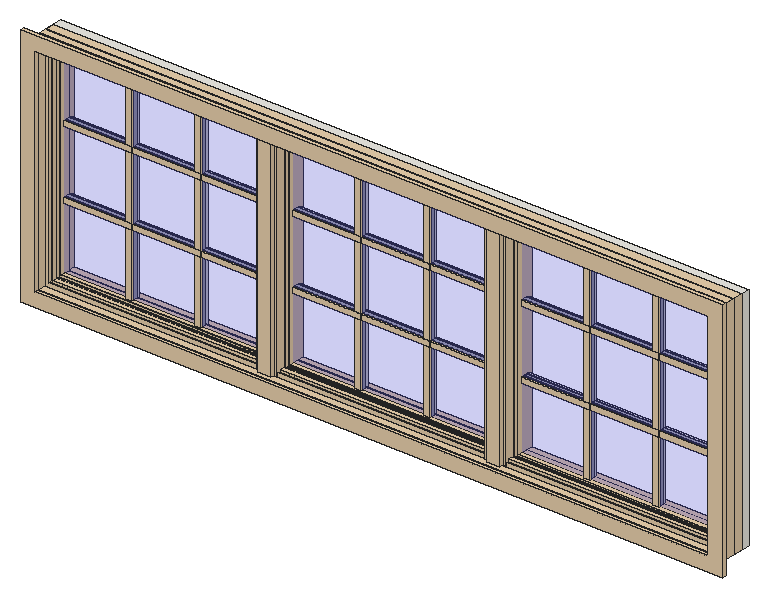
Revit family "1 Window-Transom_Fixed-Andersen-400_Series_Triple", category Windows, host Wall, Revit 2014 (continued)
Dimensions and locks (in)
  locked: Extrusion 16 sketch curve to Extrusion 16 sketch curve at 0.4375  (x2)
  locked: Extrusion 16 sketch curve to Extrusion 16 sketch curve at 1.25  (x2)
  locked: Extrusion 16 sketch curve to Extrusion 16 sketch curve at 0.518
  Extrusion 16 sketch curve to Extrusion 16 sketch curve to Extrusion 16 sketch curve to Extrusion 16 sketch curve to Extrusion 16 sketch curve to Extrusion 16 sketch curve = 0' - 0 5/16" locked, 0' - 0.5785" locked, 0' - 2.097" locked, 0' - 0.5785" locked, 0' - 0 5/16" locked
  Extrusion 16 sketch curve to Extrusion 16 sketch curve = 0' - 0.518"
  locked: Extrusion 17 sketch curve to Extrusion 17 sketch curve at 2.8745
  locked: Extrusion 18 sketch curve to Extrusion 18 sketch curve at 0.4375  (x2)
  locked: Extrusion 18 sketch curve to Extrusion 18 sketch curve at 1.25  (x2)
  locked: Extrusion 18 sketch curve to Extrusion 18 sketch curve at 0.518
  Extrusion 18 sketch curve to Extrusion 18 sketch curve to Extrusion 18 sketch curve to Extrusion 18 sketch curve to Extrusion 18 sketch curve to Extrusion 18 sketch curve = 0' - 0 5/16" locked, 0' - 0.5785" locked, 0' - 2.097" locked, 0' - 0.5785" locked, 0' - 0 5/16" locked
  Extrusion 18 sketch curve to Extrusion 18 sketch curve = 0' - 0.518"
  Extrusion 16 to plane 67 to Extrusion 16 = 0' - 2.4415" locked, 0' - 1 7/16" locked
  Extrusion 18 to plane 68 to Extrusion 18 = 0' - 1 7/16" locked, 0' - 2.4415" locked
  locked: Extrusion 17 sketch curve to Extrusion 17 sketch curve at 0.99023
  locked: Extrusion 15 sketch curve to Extrusion 15 sketch curve at 0.99023
  equal spacing: group 11, group 12, group 10  (x2)
  equal spacing: group 10, group 12, group 11
  locked: plane 40 "B Casing 1" to Masking region 5 sketch curve (angle 10.00°)
  locked: plane 40 "B Casing 1" to Masking region 6 sketch curve (angle 10.00°)
  locked: plane 40 "B Casing 1" to Extrusion 5 sketch curve (angle 10.00°)
  aligned and locked: level to plane 2
  aligned and locked: plane 7 "T Frame" to Extrusion 1 sketch curve
  aligned and locked: plane 5 "L Frame" to Extrusion 1 sketch curve
  aligned and locked: Extrusion 1 sketch curve to plane 4 "R Frame"
  aligned and locked: Extrusion 1 sketch curve to plane 6 "B Frame"
  aligned and locked: host wall to Extrusion 1
  aligned and locked: plane 47 "Flange" to Extrusion 1
  aligned and locked: Masking region 1 sketch curve to plane 46 "Frame S1"
  aligned and locked: Masking region 1 sketch curve to plane 4 "R Frame"
  aligned and locked: plane 5 "L Frame" to Masking region 1 sketch curve
  aligned and locked: plane 47 "Flange" to Masking region 2 sketch curve  (x2)
  aligned and locked: plane 4 "R Frame" to Masking region 2 sketch curve
  aligned and locked: plane 46 "Frame S1" to Masking region 2 sketch curve
  aligned and locked: Masking region 2 sketch curve to plane 5 "L Frame"
  aligned and locked: plane 17 "L Casing 4" to Masking region 2 sketch curve
  aligned and locked: Masking region 2 sketch curve to plane 44 "Casing S1"
  aligned and locked: plane 45 "Casing S2" to curve 1
  aligned and locked: Masking region 2 sketch curve to plane 27 "R Casing 4"
  aligned and locked: plane 8 "L Glazing" to curve 7
  aligned and locked: Masking region 3 sketch curve to plane 4 "R Frame"
  aligned and locked: plane 5 "L Frame" to Masking region 3 sketch curve
  aligned and locked: Masking region 3 sketch curve to plane 51 "Exterior Offset"
  aligned and locked: plane 51 "Exterior Offset" to curve 8
  aligned and locked: plane 51 "Exterior Offset" to curve 9
  aligned and locked: host wall to curve 10
  aligned and locked: plane 7 "T Frame" to Masking region 4 sketch curve
  aligned and locked: Masking region 4 sketch curve to plane 6 "B Frame"
  aligned and locked: Masking region 4 sketch curve to plane 46 "Frame S1"
  aligned and locked: plane 46 "Frame S1" to Masking region 5 sketch curve
  aligned and locked: Masking region 5 sketch curve to plane 46 "Frame S1"
  aligned and locked: Masking region 5 sketch curve to plane 47 "Flange"
  aligned and locked: Masking region 5 sketch curve to plane 6 "B Frame"
  aligned and locked: plane 41 "B Casing 2" to Masking region 5 sketch curve
  aligned and locked: Masking region 6 sketch curve to plane 46 "Frame S1"
  aligned and locked: plane 44 "Casing S1" to Masking region 6 sketch curve
  aligned and locked: Masking region 6 sketch curve to plane 36 "T Casing 4"
  aligned and locked: Masking region 6 sketch curve to plane 47 "Flange"
  aligned and locked: plane 7 "T Frame" to Masking region 6 sketch curve
  aligned and locked: plane 45 "Casing S2" to curve 12
  aligned and locked: plane 31 "T Casing 1" to curve 14
  aligned and locked: plane 46 "Frame S1" to curve 14
  aligned and locked: plane 5 "L Frame" to curve 16
  aligned and locked: Masking region 3 sketch curve to host wall
  aligned and locked: plane 30 "T Xjamb 1" to Extrusion 3 sketch curve
  aligned and locked: plane 32 "T Xjamb 2" to Extrusion 3 sketch curve
  aligned and locked: Extrusion 3 sketch curve to plane 21 "R Xjamb 1"
  aligned and locked: Extrusion 3 sketch curve to plane 23 "R Xjamb 2"
  aligned and locked: plane 11 "L Xjamb 1" to Extrusion 3 sketch curve
  aligned and locked: plane 13 "L Xjamb 2" to Extrusion 3 sketch curve
  aligned and locked: Extrusion 3 sketch curve to plane 50 "B Xjamb 1"
  aligned and locked: Extrusion 3 sketch curve to plane 39 "B Xjamb 2"
  aligned and locked: plane 30 "T Xjamb 1" to Extrusion 4 sketch curve
  aligned and locked: plane 37 "T Int Casing" to Extrusion 4 sketch curve
  aligned and locked: Extrusion 4 sketch curve to plane 21 "R Xjamb 1"
  aligned and locked: Extrusion 4 sketch curve to plane 28 "R Int Casing"
  aligned and locked: plane 11 "L Xjamb 1" to Extrusion 4 sketch curve
  aligned and locked: plane 43 "L Int Casing" to Extrusion 4 sketch curve
  aligned and locked: Extrusion 4 sketch curve to plane 50 "B Xjamb 1"
  aligned and locked: Extrusion 4 sketch curve to plane 42 "B Int Casing"
  aligned and locked: Extrusion 4 to host wall
  aligned and locked: Extrusion 4 to plane 52 "Interior Casing"
  aligned and locked: plane 41 "B Casing 2" to Extrusion 5 sketch curve
  aligned and locked: plane 41 "B Casing 2" to Sweep 6 sketch curve  (x2)
  aligned and locked: plane 17 "L Casing 4" to Sweep 6 sketch curve  (x2)
  aligned and locked: Sweep 6 sketch curve to plane 27 "R Casing 4"
  aligned and locked: plane 36 "T Casing 4" to Sweep 6 sketch curve
  aligned and locked: plane 16 "L Casing 3" to Sweep 6 sketch curve
  aligned and locked: plane 45 "Casing S2" to Sweep 6 sketch curve
  aligned and locked: Sweep 6 sketch curve to plane 44 "Casing S1"
  aligned and locked: plane 47 "Flange" to Sweep 6 sketch curve
  aligned and locked: Sweep 6 sketch curve to plane 12 "L Casing 1"
  aligned and locked: Sweep 6 sketch curve to plane 45 "Casing S2"
  aligned and locked: plane 15 "L Casing 2" to Sweep 6 sketch curve
  aligned and locked: Extrusion 5 to plane 17 "L Casing 4"
  aligned and locked: plane 27 "R Casing 4" to Extrusion 5
  aligned and locked: plane 31 "T Casing 1" to Extrusion 7 sketch curve
  aligned and locked: plane 36 "T Casing 4" to Extrusion 7 sketch curve
  aligned and locked: plane 12 "L Casing 1" to Extrusion 7 sketch curve
  aligned and locked: plane 17 "L Casing 4" to Extrusion 7 sketch curve
  aligned and locked: Extrusion 7 sketch curve to plane 22 "R Casing 1"
  aligned and locked: Extrusion 7 sketch curve to plane 27 "R Casing 4"
  aligned and locked: Extrusion 7 sketch curve to plane 41 "B Casing 2"
  aligned and locked: plane 44 "Casing S1" to Extrusion 7
  aligned and locked: plane 47 "Flange" to Extrusion 7
  aligned and locked: plane 8 "L Glazing" to Extrusion 8 sketch curve
  aligned and locked: Extrusion 8 sketch curve to plane 18 "R Glazing"
  aligned and locked: Extrusion 8 to plane 48 "Sash1 S2"
  aligned and locked: Extrusion 5 sketch curve to plane 47 "Flange"
  aligned and locked: host wall to Masking region 7 sketch curve
  aligned and locked: plane 4 "R Frame" to Masking region 7 sketch curve
  aligned and locked: Masking region 7 sketch curve to plane 5 "L Frame"
  aligned and locked: plane 51 "Exterior Offset" to Masking region 7 sketch curve
  aligned and locked: plane 27 "R Casing 4" to Masking region 7 sketch curve
  aligned and locked: Masking region 7 sketch curve to plane 17 "L Casing 4"
  aligned and locked: host wall to curve 8
  aligned and locked: plane 7 "T Frame" to Extrusion 9 sketch curve
  aligned and locked: Extrusion 9 sketch curve to plane 4 "R Frame"
  aligned and locked: Extrusion 9 sketch curve to plane 6 "B Frame"
  aligned and locked: plane 5 "L Frame" to Extrusion 9 sketch curve
  aligned and locked: plane 29 "T Ext Frame" to Extrusion 9 sketch curve
  aligned and locked: Extrusion 9 sketch curve to plane 19 "R Ext Frame"
  aligned and locked: plane 9 "L Ext Frame" to Extrusion 9 sketch curve
  aligned and locked: Extrusion 9 sketch curve to plane 38 "B Ext Frame"
  aligned and locked: plane 46 "Frame S1" to Extrusion 9
  aligned and locked: plane 49 "Frame S2" to Masking region 1 sketch curve
  aligned and locked: Masking region 1 sketch curve to plane 49 "Frame S2"
  aligned and locked: plane 60 "Stop S1" to Masking region 4 sketch curve
  aligned and locked: plane 49 "Frame S2" to Masking region 4 sketch curve
  aligned and locked: Masking region 4 sketch curve to plane 49 "Frame S2"
  aligned and locked: Extrusion 9 to plane 48 "Sash1 S2"
  aligned and locked: plane 61 "T Int Frame" to Extrusion 10 sketch curve
  aligned and locked: plane 63 "L Int Frame" to Extrusion 10 sketch curve
  aligned and locked: Extrusion 10 sketch curve to plane 64 "R Int Frame"
  aligned and locked: Extrusion 10 sketch curve to plane 62 "B Int Frame"
  aligned and locked: Extrusion 10 sketch curve to plane 6 "B Frame"
  aligned and locked: Extrusion 10 sketch curve to plane 4 "R Frame"
  aligned and locked: plane 7 "T Frame" to Extrusion 10 sketch curve
  aligned and locked: plane 5 "L Frame" to Extrusion 10 sketch curve
  aligned and locked: plane 48 "Sash1 S2" to Extrusion 10
  aligned and locked: Extrusion 10 to plane 49 "Frame S2"
  aligned and locked: Extrusion 11 sketch curve to plane 48 "Sash1 S2"
  aligned and locked: Extrusion 11 sketch curve to plane 64 "R Int Frame"
  aligned and locked: plane 60 "Stop S1" to Extrusion 11 sketch curve
  aligned and locked: plane 20 "R Stop" to Extrusion 11 sketch curve
  aligned and locked: plane 10 "L Stop" to Extrusion 11 sketch curve
  aligned and locked: plane 48 "Sash1 S2" to Extrusion 11 sketch curve
  aligned and locked: Extrusion 11 sketch curve to plane 63 "L Int Frame"
  aligned and locked: Extrusion 11 sketch curve to plane 60 "Stop S1"
  aligned and locked: plane 62 "B Int Frame" to Extrusion 11
  aligned and locked: Extrusion 11 to plane 61 "T Int Frame"
  aligned and locked: Masking region 1 sketch curve to plane 64 "R Int Frame"
  aligned and locked: Masking region 1 sketch curve to plane 63 "L Int Frame"
  aligned and locked: plane 7 "T Frame" to Sweep 12 sketch curve
  aligned and locked: plane 5 "L Frame" to Sweep 12 sketch curve
  aligned and locked: Sweep 12 sketch curve to plane 6 "B Frame"
  aligned and locked: Sweep 12 sketch curve to plane 4 "R Frame"
  aligned and locked: Sweep 12 sketch curve to plane 49 "Frame S2"
  aligned and locked: plane 58 "Xjamb S1" to Extrusion 3
  aligned and locked: host wall to Extrusion 3
  aligned and locked: Masking region 4 sketch curve to plane 61 "T Int Frame"
  aligned and locked: Masking region 4 sketch curve to plane 62 "B Int Frame"
  aligned and locked: plane 4 "R Frame" to curve 72
  aligned and locked: plane 5 "L Frame" to curve 72
  aligned and locked: host wall to curve 72
  aligned and locked: Masking region 8 sketch curve to plane 58 "Xjamb S1"  (x2)
  aligned and locked: Masking region 8 sketch curve to Sweep 12  (x3)
  aligned and locked: Masking region 8 sketch curve to plane 61 "T Int Frame"
  aligned and locked: Masking region 8 sketch curve to plane 60 "Stop S1"
  aligned and locked: plane 62 "B Int Frame" to Masking region 8 sketch curve
  aligned and locked: Masking region 9 sketch curve to plane 32 "T Xjamb 2"
  aligned and locked: plane 58 "Xjamb S1" to Masking region 9 sketch curve  (x2)
  aligned and locked: plane 61 "T Int Frame" to Masking region 9 sketch curve
  aligned and locked: plane 60 "Stop S1" to Masking region 9 sketch curve
  aligned and locked: Masking region 9 sketch curve to plane 62 "B Int Frame"
  aligned and locked: plane 39 "B Xjamb 2" to Masking region 9 sketch curve
  aligned and locked: host wall to Masking region 9 sketch curve
  aligned and locked: host wall to Masking region 10 sketch curve
  aligned and locked: Masking region 10 sketch curve to plane 42 "B Int Casing"
  aligned and locked: plane 52 "Interior Casing" to Masking region 10 sketch curve
  aligned and locked: plane 37 "T Int Casing" to Masking region 10 sketch curve
  aligned and locked: plane 58 "Xjamb S1" to curve 76
  aligned and locked: Sweep 12 to curve 76
  aligned and locked: plane 62 "B Int Frame" to curve 76
  aligned and locked: plane 58 "Xjamb S1" to curve 77
  aligned and locked: host wall to curve 77
  aligned and locked: plane 50 "B Xjamb 1" to curve 77
  aligned and locked: plane 52 "Interior Casing" to curve 78
  aligned and locked: plane 50 "B Xjamb 1" to curve 78
  aligned and locked: plane 58 "Xjamb S1" to curve 73
  aligned and locked: Sweep 12 to curve 73
  aligned and locked: plane 61 "T Int Frame" to curve 73
  aligned and locked: plane 58 "Xjamb S1" to curve 74
  aligned and locked: host wall to curve 74
  aligned and locked: plane 30 "T Xjamb 1" to curve 74
  aligned and locked: plane 52 "Interior Casing" to curve 75
  aligned and locked: plane 30 "T Xjamb 1" to curve 75
  aligned and locked: Masking region 11 sketch curve to plane 58 "Xjamb S1"  (x2)
  aligned and locked: plane 64 "R Int Frame" to Masking region 11 sketch curve
  aligned and locked: Masking region 11 sketch curve to plane 60 "Stop S1"
  aligned and locked: Masking region 11 sketch curve to plane 63 "L Int Frame"
  aligned and locked: Masking region 11 sketch curve to Sweep 12  (x2)
  aligned and locked: Masking region 12 sketch curve to plane 58 "Xjamb S1"  (x2)
  aligned and locked: plane 64 "R Int Frame" to Masking region 12 sketch curve
  aligned and locked: Masking region 12 sketch curve to plane 60 "Stop S1"
  aligned and locked: Masking region 12 sketch curve to plane 63 "L Int Frame"
  aligned and locked: plane 13 "L Xjamb 2" to Masking region 12 sketch curve
  aligned and locked: Masking region 12 sketch curve to host wall
  aligned and locked: Masking region 12 sketch curve to plane 23 "R Xjamb 2"
  aligned and locked: host wall to Masking region 13 sketch curve
  aligned and locked: plane 43 "L Int Casing" to Masking region 13 sketch curve
  aligned and locked: plane 52 "Interior Casing" to Masking region 13 sketch curve
  aligned and locked: Masking region 13 sketch curve to plane 28 "R Int Casing"
  aligned and locked: plane 58 "Xjamb S1" to curve 82
  aligned and locked: Sweep 12 to curve 82
  aligned and locked: plane 63 "L Int Frame" to curve 82
  aligned and locked: plane 58 "Xjamb S1" to curve 83
  aligned and locked: host wall to curve 83
  aligned and locked: plane 11 "L Xjamb 1" to curve 83
  aligned and locked: plane 52 "Interior Casing" to curve 84
  aligned and locked: plane 11 "L Xjamb 1" to curve 84
  aligned and locked: plane 58 "Xjamb S1" to curve 79
  aligned and locked: Sweep 12 to curve 79
  aligned and locked: plane 64 "R Int Frame" to curve 79
  aligned and locked: plane 58 "Xjamb S1" to curve 80
  aligned and locked: host wall to curve 80
  aligned and locked: plane 21 "R Xjamb 1" to curve 80
  aligned and locked: plane 52 "Interior Casing" to curve 81
  aligned and locked: plane 21 "R Xjamb 1" to curve 81
  aligned and locked: plane 60 "Stop S1" to Masking region 1 sketch curve
  aligned and locked: Extrusion 13 sketch curve to plane 61 "T Int Frame"
  aligned and locked: plane 48 "Sash1 S2" to Extrusion 13 sketch curve  (x2)
  aligned and locked: Extrusion 13 sketch curve to plane 60 "Stop S1"  (x2)
  aligned and locked: Extrusion 13 to plane 63 "L Int Frame"
  aligned and locked: plane 64 "R Int Frame" to Extrusion 13
  aligned and locked: plane 25 "R Casing 2" to curve 4
  aligned and locked: plane 45 "Casing S2" to curve 3
  aligned and locked: plane 26 "R Casing 3" to curve 3
  aligned and locked: plane 44 "Casing S1" to curve 3
  aligned and locked: plane 15 "L Casing 2" to curve 2
  aligned and locked: plane 16 "L Casing 3" to curve 1
  aligned and locked: plane 34 "T Casing 2" to curve 13
  aligned and locked: plane 35 "T Casing 3" to curve 12
  aligned and locked: plane 44 "Casing S1" to curve 12
  aligned and locked: Extrusion 5 sketch curve to plane 6 "B Frame"
  aligned and locked: Masking region 6 sketch curve to cut or joined group of Extrusion 5, Sweep 6
  aligned and locked: Extrusion 7 sketch curve to plane 6 "B Frame"
  aligned and locked: plane 44 "Casing S1" to curve 15
  aligned and locked: plane 44 "Casing S1" to curve 16
  aligned and locked: plane 44 "Casing S1" to curve 110
  aligned and locked: plane 47 "Flange" to curve 110
  aligned and locked: plane 49 "Frame S2" to curve 111
  aligned and locked: plane 44 "Casing S1" to curve 108
  aligned and locked: plane 47 "Flange" to curve 108
  aligned and locked: plane 49 "Frame S2" to curve 109
  aligned and locked: plane 17 "L Casing 4" to curve 110
  aligned and locked: plane 5 "L Frame" to curve 111
  aligned and locked: plane 27 "R Casing 4" to curve 108
  aligned and locked: plane 4 "R Frame" to curve 109
  aligned and locked: plane 47 "Flange" to curve 112
  aligned and locked: plane 36 "T Casing 4" to curve 112
  aligned and locked: plane 46 "Frame S1" to curve 113
  aligned and locked: plane 49 "Frame S2" to curve 113
  aligned and locked: plane 7 "T Frame" to curve 113
  aligned and locked: plane 44 "Casing S1" to curve 114
  aligned and locked: plane 47 "Flange" to curve 114
  aligned and locked: plane 41 "B Casing 2" to curve 114
  aligned and locked: plane 46 "Frame S1" to curve 115
  aligned and locked: plane 49 "Frame S2" to curve 115
  aligned and locked: plane 6 "B Frame" to curve 115
  aligned and locked: plane 47 "Flange" to curve 109
  aligned and locked: plane 47 "Flange" to curve 111
  aligned and locked: plane 6 "B Frame" to curve 158
  aligned and locked: curve 158 to plane 47 "Flange"
  aligned and locked: plane 7 "T Frame" to curve 65
  aligned and locked: plane 47 "Flange" to curve 65
  aligned and locked: plane 4 "R Frame" to curve 17
  aligned and locked: plane 47 "Flange" to curve 17
  aligned and locked: plane 5 "L Frame" to curve 39
  aligned and locked: curve 39 to plane 47 "Flange"
  aligned and locked: plane 60 "Stop S1" to curve 6
  aligned and locked: plane 60 "Stop S1" to curve 7
  aligned and locked: plane 45 "Casing S2" to curve 164
  aligned and locked: plane 46 "Frame S1" to curve 164
  aligned and locked: curve 9 to plane 8 "L Glazing"
  aligned and locked: curve 8 to plane 18 "R Glazing"
  aligned and locked: plane 65 "T Stop" to Extrusion 13 sketch curve
  aligned and locked: Extrusion 13 sketch curve to plane 66 "B Stop"
  aligned and locked: plane 62 "B Int Frame" to Extrusion 13 sketch curve
  aligned and locked: Sweep 14 sketch curve to plane 7 "T Frame"
  aligned and locked: Sweep 14 sketch curve to plane 5 "L Frame"  (x2)
  aligned and locked: plane 4 "R Frame" to Sweep 14 sketch curve
  aligned and locked: plane 6 "B Frame" to Sweep 14 sketch curve
  aligned and locked: plane 8 "L Glazing" to Sweep 14 sketch curve
  aligned and locked: Sweep 14 sketch curve to plane 49 "Frame S2"
  aligned and locked: plane 10 "L Stop" to Sweep 14 sketch curve
  aligned and locked: Sweep 14 sketch curve to plane 48 "Sash1 S2"
  aligned and locked: plane 38 "B Ext Frame" to nested 1
  aligned and locked: plane 9 "L Ext Frame" to nested 1
  aligned and locked: nested 1 to plane 48 "Sash1 S2"
  aligned and locked: curve 181 to plane 67
  aligned and locked: plane 46 "Frame S1" to curve 205
  aligned and locked: curve 291 to plane 68
  aligned and locked: plane 46 "Frame S1" to curve 295
  aligned and locked: plane 46 "Frame S1" to Extrusion 15
  aligned and locked: plane 46 "Frame S1" to Extrusion 17
  aligned and locked: plane 48 "Sash1 S2" to Extrusion 16
  aligned and locked: plane 48 "Sash1 S2" to Extrusion 18
  aligned and locked: Extrusion 17 to nested 1
  aligned and locked: Extrusion 17 to plane 48 "Sash1 S2"
  aligned and locked: plane 68 to Extrusion 15
  aligned and locked: Extrusion 15 to plane 48 "Sash1 S2"
  aligned and locked: plane 38 "B Ext Frame" to Extrusion 15
  aligned and locked: plane 38 "B Ext Frame" to Extrusion 17
  aligned and locked: plane 62 "B Int Frame" to Extrusion 18
  aligned and locked: plane 62 "B Int Frame" to Extrusion 16
  aligned and locked: Extrusion 18 to plane 61 "T Int Frame"
  aligned and locked: Extrusion 16 to plane 61 "T Int Frame"
  aligned and locked: Extrusion 15 to plane 29 "T Ext Frame"
  aligned and locked: Extrusion 17 to plane 29 "T Ext Frame"
  aligned and locked: plane 48 "Sash1 S2" to cut or joined group of Extrusion 9, Extrusion 15, Extrusion 17
  aligned and locked: nested 2 to plane 48 "Sash1 S2"
  aligned and locked: nested 3 to plane 48 "Sash1 S2"
  aligned and locked: plane 19 "R Ext Frame" to nested 2  (x2)
  aligned and locked: nested 3 to plane 29 "T Ext Frame"
  aligned and locked: plane 46 "Frame S1" to curve 340
  aligned and locked: plane 59 "Sash1 S1" to curve 340
  aligned and locked: plane 19 "R Ext Frame" to curve 340
  aligned and locked: plane 19 "R Ext Frame" to curve 339
  aligned and locked: plane 59 "Sash1 S1" to curve 6
  aligned and locked: plane 18 "R Glazing" to curve 339
  aligned and locked: plane 46 "Frame S1" to curve 342
  aligned and locked: plane 59 "Sash1 S1" to curve 342
  aligned and locked: plane 9 "L Ext Frame" to curve 342
  aligned and locked: plane 9 "L Ext Frame" to curve 341
  aligned and locked: plane 59 "Sash1 S1" to curve 7
Automatic sketch dimensions
  curve 15 to curve 15 = 0' - 0 3/16"
  curve 104 to curve 52 = 0' - 0.655"
  curve 52 to curve 58 = 0' - 0 7/16"
  curve 53 to curve 54 = 0' - 0 11/16"
  curve 54 to curve 64 = 0' - 0 7/8"
  curve 64 to curve 62 = 0' - 0 5/8"
  curve 62 to curve 56 = 0' - 0 1/4"
  curve 56 to curve 56 = 0' - 0 1/8"
  curve 107 to curve 104 = 0' - 0.595"
  curve 51 to curve 51 = 0' - 0.193"
  curve 54 to curve 60 = 0' - 0 1/8"
  curve 61 to curve 63 = 0' - 0 1/8"
  curve 65 to curve 50 = 0' - 0 7/8"
  curve 55 to curve 50 = 0' - 0.312"
  curve 54 to curve 64 = 0' - 0"
  curve 63 to curve 62 = 0' - 0.11677"
  curve 54 to curve 58 = 0' - 0.11677"
  curve 53 to curve 106 = 0' - 0.13323"
  curve 62 to curve 103 = 0' - 0 7/16"
  curve 52 to curve 107 = 0' - 0 5/16"
  curve 62 to curve 55 = 0' - 0.07073"
  curve 62 to curve 64 = 0' - 0.33573"
  curve 104 to curve 105 = 0' - 0.235"
  curve 55 to curve 55 = 0' - 1"
  curve 56 to curve 57 = 0' - 0 1/16"
  curve 59 to curve 63 = 0' - 0"
  curve 60 to curve 54 = 0' - 0"
  curve 54 to curve 61 = 0' - 0 1/8"
  curve 50 to curve 65 = 0' - 0 9/16"
  curve 65 to curve 65 = 0' - 1 5/8"
  curve 133 to curve 118 = 0' - 0.655"
  curve 118 to curve 124 = 0' - 0 7/16"
  curve 119 to curve 120 = 0' - 0 11/16"
  curve 120 to curve 130 = 0' - 0 7/8"
  curve 130 to curve 128 = 0' - 0 5/8"
  curve 128 to curve 122 = 0' - 0 1/4"
  curve 122 to curve 122 = 0' - 0 1/8"
  curve 136 to curve 133 = 0' - 0.595"
  curve 117 to curve 117 = 0' - 0.193"
  curve 120 to curve 126 = 0' - 0 1/8"
  curve 127 to curve 129 = 0' - 0 1/8"
  curve 131 to curve 116 = 0' - 0 7/8"
  curve 121 to curve 116 = 0' - 0.312"
  curve 120 to curve 130 = 0' - 0"
  curve 129 to curve 128 = 0' - 0.11677"
  curve 120 to curve 124 = 0' - 0.11677"
  curve 119 to curve 135 = 0' - 0.13323"
  curve 128 to curve 132 = 0' - 0 7/16"
  curve 118 to curve 136 = 0' - 0 5/16"
  curve 128 to curve 121 = 0' - 0.07073"
  curve 128 to curve 130 = 0' - 0.33573"
  curve 133 to curve 134 = 0' - 0.235"
  curve 121 to curve 121 = 0' - 1"
  curve 122 to curve 123 = 0' - 0 1/16"
  curve 125 to curve 129 = 0' - 0"
  curve 126 to curve 120 = 0' - 0"
  curve 120 to curve 127 = 0' - 0 1/8"
  curve 116 to curve 131 = 0' - 0 9/16"
  curve 131 to curve 131 = 0' - 1 5/8"
  curve 160 to curve 145 = 0' - 0.655"
  curve 145 to curve 151 = 0' - 0 7/16"
  curve 146 to curve 147 = 0' - 0 11/16"
  curve 147 to curve 157 = 0' - 0 7/8"
  curve 157 to curve 155 = 0' - 0 5/8"
  curve 155 to curve 149 = 0' - 0 1/4"
  curve 149 to curve 149 = 0' - 0 1/8"
  curve 163 to curve 160 = 0' - 0.595"
  curve 144 to curve 144 = 0' - 0.193"
  curve 147 to curve 153 = 0' - 0 1/8"
  curve 154 to curve 156 = 0' - 0 1/8"
  curve 158 to curve 143 = 0' - 0 7/8"
  curve 148 to curve 143 = 0' - 0.312"
  curve 147 to curve 157 = 0' - 0"
  curve 155 to curve 156 = 0' - 0.11677"
  curve 151 to curve 147 = 0' - 0.11677"
  curve 162 to curve 146 = 0' - 0.13323"
  curve 159 to curve 155 = 0' - 0 7/16"
  curve 163 to curve 145 = 0' - 0 5/16"
  curve 148 to curve 155 = 0' - 0.07073"
  curve 157 to curve 155 = 0' - 0.33573"
  curve 161 to curve 160 = 0' - 0.235"
  curve 148 to curve 148 = 0' - 1"
  curve 150 to curve 149 = 0' - 0 1/16"
  curve 152 to curve 156 = 0' - 0"
  curve 153 to curve 147 = 0' - 0"
  curve 154 to curve 147 = 0' - 0 1/8"
  curve 158 to curve 143 = 0' - 0 9/16"
  curve 158 to curve 158 = 0' - 1 5/8"
  curve 85 to curve 20 = 0' - 0.08"
  curve 19 to curve 140 = 0' - 0.4665"
  curve 19 to curve 137 = 0' - 0.7325"
  curve 88 to curve 67 = 0' - 0 5/16"
  curve 21 to curve 20 = 0' - 0.31933"
  curve 20 to curve 86 = 0' - 0.05314"
  curve 66 to curve 18 = 0' - 0 5/16"
  curve 86 to curve 86 = 0' - 0.43976"
  curve 18 to curve 22 = 0' - 0 1/4"
  curve 31 to curve 21 = 0' - 0.06277"
  curve 17 to curve 85 = 0' - 2 1/16"
  curve 17 to curve 85 = 0' - 0 9/16"
  curve 35 to curve 21 = 0' - 0 1/8"
  curve 18 to curve 87 = 0' - 0.18723"
  curve 35 to curve 33 = 0' - 0 1/8"
  curve 35 to curve 34 = 0' - 0 1/8"
  curve 88 to curve 67 = 0' - 0 21/32"
  curve 18 to curve 22 = 0' - 1 1/8"
  curve 22 to curve 21 = 0' - 0 7/8"
  curve 21 to curve 86 = 0' - 0 5/8"
  curve 21 to curve 97 = 0' - 0 7/8"
  curve 86 to curve 20 = 0' - 0 3/8"
  curve 67 to curve 88 = 0' - 0 19/32"
  curve 140 to curve 88 = 0' - 0.19175"
  curve 23 to curve 22 = 0' - 0 11/16"
  curve 22 to curve 34 = 0' - 0 1/8"
  curve 33 to curve 21 = 0' - 0 1/8"
  curve 17 to curve 85 = 0' - 0 7/8"
  curve 19 to curve 97 = 0' - 0.312"
  curve 89 to curve 27 = 0' - 0.08"
  curve 26 to curve 141 = 0' - 0.4665"
  curve 26 to curve 138 = 0' - 0.7325"
  curve 92 to curve 69 = 0' - 0 5/16"
  curve 28 to curve 27 = 0' - 0.31933"
  curve 27 to curve 90 = 0' - 0.05314"
  curve 68 to curve 25 = 0' - 0 5/16"
  curve 90 to curve 90 = 0' - 0.43976"
  curve 25 to curve 29 = 0' - 0 1/4"
  curve 32 to curve 28 = 0' - 0.06277"
  curve 24 to curve 89 = 0' - 2 1/16"
  curve 24 to curve 89 = 0' - 0 9/16"
  curve 38 to curve 28 = 0' - 0 1/8"
  curve 25 to curve 91 = 0' - 0.18723"
  curve 38 to curve 36 = 0' - 0 1/8"
  curve 38 to curve 37 = 0' - 0 1/8"
  curve 92 to curve 69 = 0' - 0 21/32"
  curve 25 to curve 29 = 0' - 1 1/8"
  curve 29 to curve 28 = 0' - 0 7/8"
  curve 28 to curve 90 = 0' - 0 5/8"
  curve 28 to curve 98 = 0' - 0 7/8"
  curve 90 to curve 27 = 0' - 0 3/8"
  curve 69 to curve 92 = 0' - 0 19/32"
  curve 141 to curve 92 = 0' - 0.19175"
  curve 30 to curve 29 = 0' - 0 11/16"
  curve 29 to curve 37 = 0' - 0 1/8"
  curve 36 to curve 28 = 0' - 0 1/8"
  curve 24 to curve 89 = 0' - 0 7/8"
  curve 26 to curve 98 = 0' - 0.312"
  curve 93 to curve 42 = 0' - 0.08"
  curve 41 to curve 142 = 0' - 0.4665"
  curve 41 to curve 139 = 0' - 0.7325"
  curve 96 to curve 71 = 0' - 0 5/16"
  curve 43 to curve 42 = 0' - 0.31933"
  curve 42 to curve 94 = 0' - 0.05314"
  curve 70 to curve 40 = 0' - 0 5/16"
  curve 94 to curve 94 = 0' - 0.43976"
  curve 40 to curve 44 = 0' - 0 1/4"
  curve 46 to curve 43 = 0' - 0.06277"
  curve 39 to curve 93 = 0' - 2 1/16"
  curve 39 to curve 93 = 0' - 0 9/16"
  curve 49 to curve 43 = 0' - 0 1/8"
  curve 40 to curve 95 = 0' - 0.18723"
  curve 49 to curve 47 = 0' - 0 1/8"
  curve 49 to curve 48 = 0' - 0 1/8"
  curve 71 to curve 96 = 0' - 0 21/32"
  curve 44 to curve 40 = 0' - 1 1/8"
  curve 43 to curve 44 = 0' - 0 7/8"
  curve 94 to curve 43 = 0' - 0 5/8"
  curve 99 to curve 43 = 0' - 0 7/8"
  curve 42 to curve 94 = 0' - 0 3/8"
  curve 96 to curve 71 = 0' - 0 19/32"
  curve 96 to curve 142 = 0' - 0.19175"
  curve 44 to curve 45 = 0' - 0 11/16"
  curve 48 to curve 44 = 0' - 0 1/8"
  curve 43 to curve 47 = 0' - 0 1/8"
  curve 93 to curve 39 = 0' - 0 7/8"
  curve 99 to curve 41 = 0' - 0.312"
  curve 177 to curve 167 = 0' - 0.14841"
  curve 166 to curve 184 = 0' - 3.56193"
  curve 166 to curve 183 = 0' - 1.14113"
  curve 180 to curve 176 = 0' - 0.72686"  (x2)
  curve 168 to curve 167 = 0' - 1.04975"
  curve 167 to curve 178 = 0' - 0.37875"
  curve 175 to curve 165 = 0' - 0 5/16"  (x2)
  curve 178 to curve 178 = 0' - 0.43976"
  curve 165 to curve 169 = 0' - 0.73154"
  curve 171 to curve 168 = 0' - 0.62814"
  curve 174 to curve 168 = 0' - 0.17678"
  curve 165 to curve 179 = 0' - 0.18723"
  curve 174 to curve 172 = 0' - 0 1/8"  (x2)
  curve 174 to curve 173 = 0' - 0 1/8"
  curve 165 to curve 169 = 0' - 1.15244"
  curve 169 to curve 168 = 0' - 0 7/8"  (x2)
  curve 168 to curve 178 = 0' - 0.72757"
  curve 168 to curve 181 = 0' - 1.19406"
  curve 178 to curve 167 = 0' - 0.37875"
  curve 176 to curve 180 = 0' - 0.67097"
  curve 184 to curve 180 = 0' - 1.11175"
  curve 170 to curve 169 = 0' - 0.69036"
  curve 169 to curve 173 = 0' - 0 1/8"  (x2)
  curve 172 to curve 168 = 0' - 0 1/8"  (x2)
  curve 166 to curve 181 = 0' - 0.32209"
  curve 280 to curve 280 = 0' - 0.06277"
  curve 278 to curve 281 = 0' - 0.06277"
  curve 280 to curve 275 = 0' - 0.18723"
  curve 281 to curve 292 = 0' - 0.43976"
  curve 292 to curve 277 = 0' - 0.05314"
  curve 275 to curve 296 = 0' - 0 5/16"
  curve 286 to curve 290 = 0' - 0 5/16"
  curve 286 to curve 294 = 0' - 0.5785"
  curve 277 to curve 276 = 0' - 1.05183"
  curve 291 to curve 295 = 0' - 1.004"
  curve 294 to curve 298 = 0' - 2.097"
  curve 256 to curve 258 = 0' - 0.7325"
  curve 269 to curve 265 = 0' - 0 5/16"
  curve 258 to curve 272 = 0' - 0.31933"
  curve 257 to curve 268 = 0' - 0.05314"
  curve 265 to curve 255 = 0' - 0 5/16"
  curve 255 to curve 260 = 0' - 0.18723"
  curve 268 to curve 261 = 0' - 0.43976"
  curve 260 to curve 260 = 0' - 0.06277"
  curve 261 to curve 261 = 0' - 0.06277"
  curve 294 to curve 286 = 0' - 0.518"
  curve 274 to curve 297 = 0' - 0.518"
  curve 297 to curve 274 = 0' - 0 19/32"
  curve 296 to curve 294 = 0' - 0 19/32"
  curve 290 to curve 285 = 0' - 0 21/32"
  curve 270 to curve 266 = 0' - 0 21/32"
  curve 285 to curve 289 = 0' - 0 7/16"
  curve 265 to curve 260 = 0' - 0 7/16"
  curve 260 to curve 260 = 0' - 0 11/16"
  curve 280 to curve 280 = 0' - 0 11/16"
  curve 259 to curve 258 = 0' - 0 7/8"
  curve 279 to curve 293 = 0' - 0 7/8"
  curve 278 to curve 288 = 0' - 0 5/8"
  curve 258 to curve 261 = 0' - 0 5/8"
  curve 272 to curve 267 = 0' - 0 1/4"
  curve 291 to curve 267 = 0' - 0"
  curve 276 to curve 276 = 0' - 0 1/8"
  curve 256 to curve 256 = 0' - 0 1/8"
  curve 276 to curve 291 = 0' - 0.312"
  curve 282 to curve 284 = 0' - 0 1/8"
  curve 264 to curve 261 = 0' - 0 1/8"
  curve 264 to curve 262 = 0' - 0 1/8"
  curve 263 to curve 259 = 0' - 0"
  curve 297 to curve 299 = 0' - 0.1695"
  curve 305 to curve 299 = 0' - 0"
  curve 279 to curve 284 = 0' - 0 1/8"
  curve 259 to curve 263 = 0' - 0 1/8"
  curve 262 to curve 258 = 0' - 0 1/8"
  curve 284 to curve 281 = 0' - 0 1/8"
  curve 276 to curve 310 = 0' - 0.08"
  curve 301 to curve 256 = 0' - 0.08"
  curve 266 to curve 303 = 0' - 0.54873"
  curve 308 to curve 296 = 0' - 0"
  curve 304 to curve 297 = 0' - 0"
  curve 301 to curve 256 = 0' - 0"
  curve 276 to curve 310 = 0' - 0"
  curve 190 to curve 190 = 0' - 0.06277"
  curve 188 to curve 191 = 0' - 0.06277"
  curve 190 to curve 185 = 0' - 0.18723"
  curve 191 to curve 202 = 0' - 0.43976"
  curve 202 to curve 187 = 0' - 0.05314"
  curve 185 to curve 206 = 0' - 0 5/16"
  curve 196 to curve 200 = 0' - 0 5/16"
  curve 196 to curve 204 = 0' - 0.5785"
  curve 187 to curve 186 = 0' - 1.05183"
  curve 201 to curve 205 = 0' - 1.004"
  curve 204 to curve 208 = 0' - 2.097"
  curve 166 to curve 168 = 0' - 0.7325"
  curve 179 to curve 175 = 0' - 0 5/16"
  curve 168 to curve 182 = 0' - 0.31933"
  curve 167 to curve 178 = 0' - 0.05314"
  curve 165 to curve 170 = 0' - 0.18723"
  curve 178 to curve 171 = 0' - 0.43976"
  curve 170 to curve 170 = 0' - 0.06277"
  curve 171 to curve 171 = 0' - 0.06277"
  curve 204 to curve 196 = 0' - 0.518"
  curve 184 to curve 207 = 0' - 0.518"
  curve 207 to curve 184 = 0' - 0 19/32"
  curve 206 to curve 204 = 0' - 0 19/32"
  curve 200 to curve 195 = 0' - 0 21/32"
  curve 180 to curve 176 = 0' - 0 21/32"
  curve 195 to curve 199 = 0' - 0 7/16"
  curve 175 to curve 170 = 0' - 0 7/16"
  curve 170 to curve 170 = 0' - 0 11/16"
  curve 190 to curve 190 = 0' - 0 11/16"
  curve 189 to curve 203 = 0' - 0 7/8"
  curve 188 to curve 198 = 0' - 0 5/8"
  curve 168 to curve 171 = 0' - 0 5/8"
  curve 182 to curve 177 = 0' - 0 1/4"
  curve 201 to curve 177 = 0' - 0"
  curve 186 to curve 186 = 0' - 0 1/8"
  curve 166 to curve 166 = 0' - 0 1/8"
  curve 186 to curve 201 = 0' - 0.312"
  curve 192 to curve 194 = 0' - 0 1/8"
  curve 174 to curve 171 = 0' - 0 1/8"
  curve 173 to curve 169 = 0' - 0"
  curve 207 to curve 209 = 0' - 0.1695"
  curve 318 to curve 209 = 0' - 0"
  curve 189 to curve 194 = 0' - 0 1/8"
  curve 194 to curve 191 = 0' - 0 1/8"
  curve 186 to curve 323 = 0' - 0.08"
  curve 314 to curve 166 = 0' - 0.08"
  curve 176 to curve 316 = 0' - 0.54873"
  curve 321 to curve 206 = 0' - 0"
  curve 317 to curve 207 = 0' - 0"
  curve 314 to curve 166 = 0' - 0"
  curve 186 to curve 323 = 0' - 0"
  curve 235 to curve 235 = 0' - 0.06277"
  curve 233 to curve 236 = 0' - 0.06277"
  curve 235 to curve 230 = 0' - 0.18723"
  curve 236 to curve 247 = 0' - 0.43976"
  curve 247 to curve 232 = 0' - 0.05314"
  curve 230 to curve 251 = 0' - 0 5/16"
  curve 241 to curve 245 = 0' - 0 5/16"
  curve 241 to curve 249 = 0' - 0.5785"
  curve 232 to curve 231 = 0' - 1.05183"
  curve 246 to curve 250 = 0' - 1.004"
  curve 249 to curve 253 = 0' - 2.097"
  curve 211 to curve 213 = 0' - 0.7325"
  curve 224 to curve 220 = 0' - 0 5/16"
  curve 213 to curve 227 = 0' - 0.31933"
  curve 212 to curve 223 = 0' - 0.05314"
  curve 220 to curve 210 = 0' - 0 5/16"
  curve 210 to curve 215 = 0' - 0.18723"
  curve 223 to curve 216 = 0' - 0.43976"
  curve 215 to curve 215 = 0' - 0.06277"
  curve 216 to curve 216 = 0' - 0.06277"
  curve 249 to curve 241 = 0' - 0.518"
  curve 229 to curve 252 = 0' - 0.518"
  curve 252 to curve 229 = 0' - 0 19/32"
  curve 251 to curve 249 = 0' - 0 19/32"
  curve 245 to curve 240 = 0' - 0 21/32"
  curve 225 to curve 221 = 0' - 0 21/32"
  curve 240 to curve 244 = 0' - 0 7/16"
  curve 220 to curve 215 = 0' - 0 7/16"
  curve 215 to curve 215 = 0' - 0 11/16"
  curve 235 to curve 235 = 0' - 0 11/16"
  curve 214 to curve 213 = 0' - 0 7/8"
  curve 234 to curve 248 = 0' - 0 7/8"
  curve 233 to curve 243 = 0' - 0 5/8"
  curve 213 to curve 216 = 0' - 0 5/8"
  curve 227 to curve 222 = 0' - 0 1/4"
  curve 246 to curve 222 = 0' - 0"
  curve 231 to curve 231 = 0' - 0 1/8"
  curve 211 to curve 211 = 0' - 0 1/8"
  curve 231 to curve 246 = 0' - 0.312"
  curve 237 to curve 239 = 0' - 0 1/8"
  curve 219 to curve 216 = 0' - 0 1/8"
  curve 219 to curve 217 = 0' - 0 1/8"
  curve 218 to curve 214 = 0' - 0"
  curve 252 to curve 254 = 0' - 0.1695"
  curve 331 to curve 254 = 0' - 0"
  curve 234 to curve 239 = 0' - 0 1/8"
  curve 214 to curve 218 = 0' - 0 1/8"
  curve 217 to curve 213 = 0' - 0 1/8"
  curve 239 to curve 236 = 0' - 0 1/8"
  curve 231 to curve 336 = 0' - 0.08"
  curve 327 to curve 211 = 0' - 0.08"
  curve 221 to curve 329 = 0' - 0.54873"
  curve 334 to curve 251 = 0' - 0"
  curve 330 to curve 252 = 0' - 0"
  curve 327 to curve 211 = 0' - 0"
  curve 231 to curve 336 = 0' - 0"
  curve 112 to plane 44 "Casing S1" = 0' - 0"
  plane 9 "L Ext Frame" to Extrusion 8 sketch curve = 0' - 0.0175"
  Extrusion 8 sketch curve to plane 19 "R Ext Frame" = 0' - 0.0175"
  Extrusion 8 sketch curve to plane 38 "B Ext Frame" = 0' - 0.18664"
  Extrusion 8 sketch curve to plane 66 "B Stop" = 0' - 0 1/4"
  plane 65 "T Stop" to Extrusion 8 sketch curve = 0' - 0 1/4"
  plane 29 "T Ext Frame" to Extrusion 8 sketch curve = 0' - 0.18689"
  Sweep 14 sketch curve to plane 47 "Flange" = 0' - 0"
  Extrusion 15 sketch curve to plane 46 "Frame S1" = 0' - 0"
  Extrusion 15 sketch curve to plane 68 = 0' - 0"
  host wall to Extrusion 16 sketch curve = 0' - 0"
  plane 67 to Extrusion 16 sketch curve = 0' - 2.4415"
  Extrusion 17 sketch curve to plane 46 "Frame S1" = 0' - 0"
  Extrusion 17 sketch curve to plane 67 = 0' - 0"
  host wall to Extrusion 18 sketch curve = 0' - 0"
  plane 68 to Extrusion 18 sketch curve = 0' - 1 7/16"
  curve 5 to plane 22 "R Casing 1" = 0' - 0"
  curve 5 to plane 46 "Frame S1" = 0' - 0"
  curve 15 to plane 4 "R Frame" = 0' - 0"
  curve 15 to plane 46 "Frame S1" = 0' - 0"
  curve 16 to plane 46 "Frame S1" = 0' - 0"
  host wall to curve 9 = 0' - 0"
  curve 164 to plane 12 "L Casing 1" = 0' - 0"
  Sweep 12 sketch curve to profile plane = 0' - 0"
Nested families (in)
  nested 1: "Andersen_Sash_Panel" at (53.30273, 2.5625, 46.81311) x (-1, 0, 0) z (0, 0, 1), type "Andersen_Sash_Panel"
    with Material_Top_Setback 0' - 0 1/32", Material_Right_Setback 0' - 0 1/32", Material_Left_Setback 0' - 0 1/32", Material_Bottom_Setback 0' - 0 1/32"
  nested 2: "Andersen_Sash_Panel" at (-18.42773, 2.5625, 46.81068) x (-1, 0, 0) z (0, 0, 1), type "Andersen_Sash_Panel"
    with Material_Top_Setback 0' - 0 1/32", Material_Right_Setback 0' - 0 1/32", Material_Left_Setback 0' - 0 1/32", Material_Bottom_Setback 0' - 0 1/32"
  nested 3: "Andersen_Sash_Panel" at (17.4375, 2.5625, 46.81189) x (-1, 0, 0) z (0, 0, 1), type "Andersen_Sash_Panel"
    with Material_Top_Setback 0' - 0 1/32", Material_Right_Setback 0' - 0 1/32", Material_Left_Setback 0' - 0 1/32", Material_Bottom_Setback 0' - 0 1/32"
Definition of nested family "Andersen_Sash_Panel"
  Parameters (values of type "Andersen_Sash_Panel")
    VertBarQuantity = if(LightsWide < 3, 2, LightsWide - 1)  # 2
    TFL = if(Fractional_Lights_High > 5, 3, if(or(Fractional_Lights_High = 4, Fractional_Lights_High = 5), 2, if(or(Fractional_Lights_High = 2, Fractional_Lights_High = 3), 1, 1)))  # 2
    TFB = TFL - 1  # 1
    Stile_Right = 0' - 1 11/16"
    Stile_Left = 0' - 1 11/16"
    StandardLightsHigh = 3
    SingleVertLocation = (Panel_Width - Stile_Right - Stile_Left) / 2  # 1' - 3 3/4"
    SingleVertBarVisibility = LightsWide = 2  # no
    SingleHorzLocation = (BarLengthVertical) / 2  # 1' - 3 3/4"
    SingleHorBarVisibility = or(or(or(and(LightsHigh = 2, PatternNumber = 1), and(PatternNumber = 4, Fractional_Lights_High > 1)), and(PatternNumber = 5, Fractional_Lights_High > 1)), and(PatternNumber = 2, Fractional_Lights_High > 1))  # no
    S H Fractional = and(PatternNumber = 2, or(Fractional_Lights_High = 4, Fractional_Lights_High = 5))  # no
    Rail_Top = 0' - 1 11/16"
    Rail_Bottom = 0' - 1 11/16"
    PatternNumber = 1
    Panel_Width = 2' - 10 7/8"
    Panel_Thickness = 0' - 2 9/16"
    Panel_Height = 2' - 10 7/8"
    MultipleVertBar Visibility = and(not(PatternNumber = 0), LightsWide > 2)  # yes
    MultipleHorBarVisibility = or(or(PatternNumber = 3, and(LightsHigh > 2, PatternNumber = 1)), and(PatternNumber = 2, Fractional_Lights_High > 5))  # yes
    Material_Top_Setback [instance] = 0' - 0 1/32"
    Material_Right_Setback [instance] = 0' - 0 1/32"
    Material_Left_Setback [instance] = 0' - 0 1/32"
    Material_Interior = Wood - Andersen - Pine
    Material_Exterior = Vinyl - Andersen - White
    Material_Bottom_Setback [instance] = 0' - 0 1/32"
    LightsWide = if(PatternNumber = 3, 3, [- Lights Wide])  # 3
    LightsHigh = if(PatternNumber = 2, [- Lights High] - 1, if(PatternNumber = 3, 3, [- Lights High]))  # 3
    Interior Bar Thickness = 0' - 0 23/64"
    HorBarQuantity = if(LightsHigh < 3, 2, LightsHigh - 1)  # 2
    GrilleBarSizeInt = 4
    GrilleBarSize = 0' - 0 7/8"
    Glazing = Glass ‐ Andersen - Low-E4 SmartSun
    Glass SetBack = 0' - 1"
    Glass Pane Thickness = 0' - 0 1/8"
    Glass OA Thickness = 0' - 0 7/8"
    Fractional_Lights_Wide = 3
    Fractional_Lights_High = 5
    Exterior Bar Thickness = 0' - 0 77/256"
    DLOVertical = if(PatternNumber = 1, if(LightsHigh > 2, ((BarLengthVertical - (GrilleBarSize * (LightsHigh - 1))) / LightsHigh), 0' 4"), if(PatternNumber = 3, 0' 4", if(Fractional_Lights_High > 2, ((BarLengthVertical - (GrilleBarSize * 2)) / 3), 0' 4")))  # 0' - 9.91667"
    DLOHorizontal = if(PatternNumber = 3, 0' 4", ((Panel_Width - Stile_Right - Stile_Left) - (GrilleBarSize * VertBarQuantity)) / if(LightsWide > 2, LightsWide, 3))  # 0' - 9.91667"
    BottomBarVisibility = and(PatternNumber = 2, or(Fractional_Lights_High = 4, Fractional_Lights_High = 5))  # no
    BottomBarLocation = if(PatternNumber = 1, ((Panel_Height - Rail_Top - Rail_Bottom) / 2) - (GrilleBarSize / 2), BarLengthVertical)  # 1' - 3 5/16"
    Between Glass Grille Bar Color = Stainless Steel - Andersen - Standard
    BarLengthVertical = if(or(PatternNumber = 5, PatternNumber = 2), ((((Panel_Height - Rail_Top - Rail_Bottom - (GrilleBarSize * (Fractional_Lights_High - 1))) / Fractional_Lights_High)) * TFL) + (TFB * GrilleBarSize) + Rail_Top, if(PatternNumber = 4, ((Panel_Height - Rail_Top - Rail_Bottom - (GrilleBarSize * (Fractional_Lights_High - 1))) / Fractional_Lights_High), Panel_Height - Rail_Top - Rail_Bottom))  # 2' - 7 1/2"
    BarLengthHorizontal = Panel_Width - Stile_Right - Stile_Left  # 2' - 7 1/2"
    BarIntVisibility = yes
    BarExtVisibility = yes
    BarBetweenGlassVisibility = yes
    Analytic Construction = "<None>"
    - Lights Wide = 3
    - Lights High = 3
  Reference planes (in)
    plane 1 "Front": y = 0
    plane 2 "Bottom": z = 0
    plane 3 "Left": x = 0
    plane 4 "Top": z = 34.875
    plane 5 "Right": x = 34.875
    plane 6 "Glazing Left": x = 1.6875
    plane 7 "Glazing Bottom": z = 1.6875
    plane 8 "Glazing Right": x = 33.1875
    plane 9 "Glazing Top": z = 33.1875
    plane 10 "GlazingA": y = 1
    plane 11 "GlazingB": y = 1.875
    plane 12 "Back": y = 2.5625
    plane 13: z = 1.6875
  Forms (in)
    Extrusion 1, solid, material "Wood - Andersen - Pine" <- "Material_Interior"
      sketch origin (0, 0, 0) x (1, 0, 0) y (0, 0, 1)
        loop
          line (0, 34.875) -> (0, 0) -> (34.875, 0) -> (34.875, 34.875) -> (0, 34.875)
        loop
          line (1.6875, 33.1875) -> (1.6875, 1.6875) -> (33.1875, 1.6875) -> (33.1875, 33.1875) -> (1.6875, 33.1875)
      from -2.5625 to 0
    Extrusion 2, solid, material "Glass ‐ Andersen - Low-E4 SmartSun" <- "Glazing"
      sketch origin (0, 0, 0) x (1, 0, 0) y (0, 0, 1)
        loop
          line (1.6875, 33.1875) -> (1.6875, 1.6875) -> (33.1875, 1.6875) -> (33.1875, 33.1875) -> (1.6875, 33.1875)
      from -1.875 to -1
  Lines and regions (in)
    Split face 1
      outline origin (0, 0, 34.875) x (1, 0, 0) y (0, 1, 0)
        loop
          line (0, 0.03125) -> (34.875, 0.03125)
    Split face 2
      outline origin (34.875, 0, 34.875) x (0, 0, -1) y (0, 1, 0)
        loop
          line (0, 0.03125) -> (34.875, 0.03125)
    Split face 3
      outline origin (0, 0, 0) x (0, 0, 1) y (0, 1, 0)
        loop
          line (34.875, 0.03125) -> (0, 0.03125)
    Split face 4
      outline origin (34.875, 0, 0) x (0, 1, 0) y (-1, 0, 0)
        loop
          line (0.03125, 34.875) -> (0.03125, 0)
    Split face 5
      outline origin (33.1875, 0.625, 1.6875) x (-1, 0, 0) y (0, -1, 0)
        loop
          line (31.5, -0.375) -> (0, -0.375)
        loop
          line (31.5, -1.25) -> (0, -1.25)
    Split face 6
      outline origin (1.6875, 0, 1.6875) x (0, 0, 1) y (0, -1, 0)
        loop
          line (0, -1) -> (31.5, -1)
        loop
          line (31.5, -1.875) -> (0, -1.875)
    Split face 7
      outline origin (33.1875, 0, 33.1875) x (0, 0, -1) y (0, -1, 0)
        loop
          line (31.5, -1) -> (0, -1)
        loop
          line (0, -1.875) -> (31.5, -1.875)
    Split face 8
      outline origin (1.6875, 0, 33.1875) x (0, -1, 0) y (1, 0, 0)
        loop
          line (-1, 0) -> (-1, 31.5)
        loop
          line (-1.875, 0) -> (-1.875, 31.5)
    symbolic lines, style "WindowsGlassProjection", detail levels medium+fine
      curve 1: line (1.6875, 1, 0) -> (33.1875, 1, 0)
      curve 2: line (1.6875, 1.875, 0) -> (33.1875, 1.875, 0)
    symbolic lines, style "WindowsGlassProjection"
      curve 3: line (0, 1, 33.1875) -> (0, 1, 1.6875)
      curve 4: line (0, 1.875, 33.1875) -> (0, 1.875, 1.6875)
    symbolic lines, style "WindowsGlassProjection", detail levels fine
      curve 5: line (1.6875, 1.125, 0) -> (33.1875, 1.125, 0)
      curve 6: line (1.6875, 1.75, 0) -> (33.1875, 1.75, 0)
      curve 7: line (0, 1.75, 33.1875) -> (0, 1.75, 1.6875)
      curve 8: line (0, 1.125, 33.1875) -> (0, 1.125, 1.6875)
  Dimensions and locks (in)
    "Panel_Width": plane 5 "Right" to plane 3 "Left"
    "Panel_Height": plane 4 "Top" to plane 2 "Bottom"
    "Stile_Left": plane 6 "Glazing Left" to plane 3 "Left"
    "Stile_Right": plane 5 "Right" to plane 8 "Glazing Right"
    "Rail_Bottom": plane 7 "Glazing Bottom" to plane 2 "Bottom"
    "Rail_Top": plane 4 "Top" to plane 9 "Glazing Top"
    "Panel_Thickness": plane 1 "Front" to plane 12 "Back"
    "Material_Top_Setback": Extrusion 1 to Split face 1 sketch curve
    "Material_Right_Setback": Extrusion 1 to Split face 2 sketch curve
    "Material_Left_Setback": Split face 3 sketch curve to Extrusion 1
    "Material_Bottom_Setback": Extrusion 1 to Split face 4 sketch curve
    "BarLengthVertical": plane 9 "Glazing Top" to plane 13
    plane 8 "Glazing Right" to plane 6 "Glazing Left" = 2' - 7 1/2"
    group 1 to group 2 = 0' - 10.79167"
    group 1 to group 2 = 0' - 0"  (x2)
    "DLOHorizontal": nested 1 to plane 6 "Glazing Left"
    "DLOHorizontal": plane 8 "Glazing Right" to nested 2
    "Glass SetBack": plane 1 "Front" to plane 10 "GlazingA"
    "Glass Pane Thickness": curve 5 to plane 10 "GlazingA"
    "Glass OA Thickness": plane 11 "GlazingB" to plane 10 "GlazingA"
    "Glass Pane Thickness": plane 11 "GlazingB" to curve 6
    "Glass Pane Thickness": plane 11 "GlazingB" to curve 7
    "Glass Pane Thickness": curve 8 to plane 10 "GlazingA"
    "SingleVertLocation": nested 3 to plane 6 "Glazing Left"
    group 3 to group 4 = 0' - 0"  (x2)
    group 3 to group 4 = 0' - 10.79167"
    "DLOVertical": plane 9 "Glazing Top" to nested 6
    "DLOVertical": nested 5 to plane 13
    equal spacing: plane 9 "Glazing Top", nested 7, nested 4
    "BottomBarLocation": plane 9 "Glazing Top" to nested 4
    aligned and locked: plane 2 "Bottom" to level
    aligned and locked: Extrusion 1 sketch curve to plane 4 "Top"
    aligned and locked: Extrusion 1 sketch curve to plane 9 "Glazing Top"
    aligned and locked: Extrusion 1 sketch curve to plane 5 "Right"
    aligned and locked: Extrusion 1 sketch curve to plane 8 "Glazing Right"
    aligned and locked: plane 2 "Bottom" to Extrusion 1 sketch curve
    aligned and locked: plane 7 "Glazing Bottom" to Extrusion 1 sketch curve
    aligned and locked: plane 3 "Left" to Extrusion 1 sketch curve
    aligned and locked: plane 6 "Glazing Left" to Extrusion 1 sketch curve
    aligned and locked: plane 12 "Back" to Extrusion 1
    aligned and locked: plane 1 "Front" to Extrusion 1
    aligned and locked: Extrusion 2 sketch curve to plane 9 "Glazing Top"
    aligned and locked: Extrusion 2 sketch curve to plane 8 "Glazing Right"
    aligned and locked: plane 7 "Glazing Bottom" to Extrusion 2 sketch curve
    aligned and locked: plane 6 "Glazing Left" to Extrusion 2 sketch curve
    aligned and locked: plane 11 "GlazingB" to Extrusion 2
    aligned and locked: Extrusion 2 to plane 10 "GlazingA"
    aligned and locked: Split face 5 sketch curve to plane 10 "GlazingA"
    aligned and locked: Split face 5 sketch curve to plane 11 "GlazingB"
    aligned and locked: Split face 6 sketch curve to plane 10 "GlazingA"
    aligned and locked: plane 11 "GlazingB" to Split face 6 sketch curve
    aligned and locked: Split face 7 sketch curve to plane 10 "GlazingA"
    aligned and locked: plane 11 "GlazingB" to Split face 7 sketch curve
    aligned and locked: Split face 8 sketch curve to plane 10 "GlazingA"
    aligned and locked: Split face 8 sketch curve to plane 11 "GlazingB"
    aligned and locked: curve 2 to plane 11 "GlazingB"
    aligned and locked: plane 7 "Glazing Bottom" to curve 3
    aligned and locked: plane 10 "GlazingA" to curve 3
    aligned and locked: plane 9 "Glazing Top" to curve 4
    aligned and locked: plane 11 "GlazingB" to curve 4
    aligned and locked: plane 6 "Glazing Left" to curve 6
    aligned and locked: plane 8 "Glazing Right" to curve 6
    aligned and locked: Split face 5 to plane 10 "GlazingA"
    aligned and locked: plane 9 "Glazing Top" to nested 1
    aligned and locked: plane 9 "Glazing Top" to nested 2
    aligned and locked: plane 9 "Glazing Top" to nested 3
    aligned and locked: plane 6 "Glazing Left" to nested 4
    aligned and locked: nested 6 to plane 6 "Glazing Left"
    aligned and locked: nested 5 to plane 6 "Glazing Left"
    aligned and locked: plane 6 "Glazing Left" to nested 7
  Automatic sketch dimensions
    Split face 1 sketch curve to Extrusion 1 = 0' - 0"  (x2)
    Split face 2 sketch curve to Extrusion 1 = 0' - 0"
    Extrusion 1 to Split face 2 sketch curve = 0' - 0"
    Extrusion 1 to Split face 3 sketch curve = 0' - 0"
    Split face 3 sketch curve to Extrusion 1 = 0' - 0"
    Split face 4 sketch curve to Extrusion 1 = 0' - 0"  (x2)
    Split face 5 sketch curve to Extrusion 1 = 0' - 0"  (x4)
    Split face 6 sketch curve to Extrusion 1 = 0' - 0"  (x2)
    Extrusion 1 to Split face 6 sketch curve = 0' - 0"  (x2)
    Extrusion 1 to Split face 7 sketch curve = 0' - 0"  (x2)
    Split face 7 sketch curve to Extrusion 1 = 0' - 0"  (x2)
    Split face 8 sketch curve to Extrusion 1 = 0' - 0"  (x4)
    curve 1 to plane 10 "GlazingA" = 0' - 0"
    curve 7 to plane 9 "Glazing Top" = 0' - 0"
    curve 3 to plane 9 "Glazing Top" = 0' - 0"
    curve 8 to plane 9 "Glazing Top" = 0' - 0"
    curve 7 to plane 7 "Glazing Bottom" = 0' - 0"
    curve 4 to plane 7 "Glazing Bottom" = 0' - 0"
    curve 8 to plane 7 "Glazing Bottom" = 0' - 0"
    curve 2 to plane 6 "Glazing Left" = 0' - 0"
    curve 5 to plane 6 "Glazing Left" = 0' - 0"
    curve 1 to plane 6 "Glazing Left" = 0' - 0"
    curve 5 to plane 8 "Glazing Right" = 0' - 0"
    curve 2 to plane 8 "Glazing Right" = 0' - 0"
    curve 1 to plane 8 "Glazing Right" = 0' - 0"
  Nested families (in)
    nested 1: "Andersen_Grille_Bar" at (12.04167, 1, 17.4375) x (1, 0, 0) z (0, -1, 0), Bar Width <- "GrilleBarSize", Bar Length <- "BarLengthVertical", visible <- "MultipleVertBar Visibility", type "Andersen_Grille_Bar"
      with Center Line Length 2' - 7 15/16", Center Line 1, Bar Width 0' - 0 7/8", Bar Length 2' - 7 1/2", Glass OA Thickness 0' - 0 7/8"
    nested 2: "Andersen_Grille_Bar" at (22.83333, 1, 17.4375) x (1, 0, 0) z (0, -1, 0), Bar Width <- "GrilleBarSize", Bar Length <- "BarLengthVertical", visible <- "MultipleVertBar Visibility", type "Andersen_Grille_Bar"
      with Center Line Length 2' - 7 15/16", Center Line 1, Bar Width 0' - 0 7/8", Bar Length 2' - 7 1/2", Glass OA Thickness 0' - 0 7/8"
    nested 3: "Andersen_Grille_Bar" at (17.4375, 1, 17.4375) x (1, 0, 0) z (0, -1, 0), Bar Width <- "GrilleBarSize", visible <- "SingleVertBarVisibility", Bar Length <- "BarLengthVertical", type "Andersen_Grille_Bar"
      with Center Line Length 2' - 7 15/16", Center Line 1, Bar Width 0' - 0 7/8", Bar Length 2' - 7 1/2", Glass OA Thickness 0' - 0 7/8"
    nested 4: "Andersen_Grille_Bar" at (17.4375, 1, 17.4375) x (0, 0, -1) z (0, -1, 0), Bar Width <- "GrilleBarSize", Bar Length <- "BarLengthHorizontal", visible <- "SingleHorBarVisibility", type "Andersen_Grille_Bar"
      with Center Line Length 2' - 7 15/16", Center Line 1, Bar Width 0' - 0 7/8", Bar Length 2' - 7 1/2", Glass OA Thickness 0' - 0 7/8"
    nested 5: "Andersen_Grille_Bar" at (17.4375, 1, 12.04167) x (0, 0, 1) z (0, -1, 0), Bar Width <- "GrilleBarSize", Bar Length <- "BarLengthHorizontal", visible <- "MultipleHorBarVisibility", type "Andersen_Grille_Bar"
      with Center Line Length 2' - 7 15/16", Center Line 1, Bar Width 0' - 0 7/8", Bar Length 2' - 7 1/2", Glass OA Thickness 0' - 0 7/8"
    nested 6: "Andersen_Grille_Bar" at (17.4375, 1, 22.83333) x (0, 0, 1) z (0, -1, 0), Bar Width <- "GrilleBarSize", Bar Length <- "BarLengthHorizontal", visible <- "MultipleHorBarVisibility", type "Andersen_Grille_Bar"
      with Center Line Length 2' - 7 15/16", Center Line 1, Bar Width 0' - 0 7/8", Bar Length 2' - 7 1/2", Glass OA Thickness 0' - 0 7/8"
    nested 7: "Andersen_Grille_Bar" at (17.4375, 1, 25.53125) x (0, 0, -1) z (0, -1, 0), Bar Width <- "GrilleBarSize", Bar Length <- "BarLengthHorizontal", visible <- "S H Fractional", type "Andersen_Grille_Bar"
      with Center Line Length 2' - 7 15/16", Center Line 1, Bar Width 0' - 0 7/8", Bar Length 2' - 7 1/2", Glass OA Thickness 0' - 0 7/8"
  Definition of nested family "Andersen_Grille_Bar"
    Parameters (values of type "Andersen_Grille_Bar")
      Interior Bar Visibility = yes
      Interior Bar Thickness = 0' - 0 27/128"
      Interior Bar Material = Wood - Andersen - Pine
      Glass Pane Thickness = 0' - 0 1/8"
      Glass OA Thickness = 0' - 0 5/8"
      Exterior Bar Visibility = yes
      Exterior Bar Thickness = 0' - 0 27/128"
      Exterior Bar Finish = none
      Default Elevation = 4' - 0"
      Center Line Length [instance] = if(Center Line = 1, Bar Length + (Bar Width / 2), Bar Length)  # 0' - 4 7/16"
      Center Line [instance] = 1
      Between Glass Bar Visibility = yes
      Between Glass Bar Finish = Stainless Steel - Andersen - Standard
      Bar Width [instance] = 0' - 0 7/8"
      Bar Length [instance] = 0' - 4"
    Reference planes (in)
      plane 1 "Center (Front/Back)": y = 0
      plane 2 "a": z = 0
      plane 3 "Center (Left/Right)": x = 0
      plane 4 "1": x = -0.4375
      plane 5 "2": x = 0.4375
      plane 6: y = 2
      plane 7: y = -2
      plane 8 "b": z = -0.625
      plane 9: y = -2.4375
      plane 10 "a1": z = 12
      plane 11 "a2": z = -12
    Forms (in)
      Extrusion 1, solid
        sketch origin (0, 0, 0) x (1, 0, 0) y (0, 1, 0)
          loop
            line (-48, 48) -> (-48, -48) -> (48, -48) -> (48, 48) -> (-48, 48)
        from 0 to -12
      Extrusion 2, solid, material <- "Exterior Bar Finish", visible <- "Exterior Bar Visibility", detail levels fine
        sketch origin (0, 0, 0) x (1, 0, 0) y (0, 1, 0)
          loop
            line (-0.4375, 2) -> (-0.4375, -2) -> (0.4375, -2) -> (0.4375, 2) -> (-0.4375, 2)
        from 0 to 0.21094
      Extrusion 3, solid, material "Stainless Steel - Andersen - Standard" <- "Between Glass Bar Finish", visible <- "Between Glass Bar Visibility", detail levels fine
        sketch origin (0, 0, 0) x (1, 0, 0) y (0, 1, 0)
          loop
            line (-0.4375, 2) -> (-0.4375, -2) -> (0.4375, -2) -> (0.4375, 2) -> (-0.4375, 2)
        from -0.5 to -0.125
      Extrusion 4, solid, material "Wood - Andersen - Pine" <- "Interior Bar Material", visible <- "Interior Bar Visibility", detail levels fine
        sketch origin (0, 0, 0) x (1, 0, 0) y (0, 1, 0)
          loop
            line (-0.4375, 2) -> (-0.4375, -2) -> (0.4375, -2) -> (0.4375, 2) -> (-0.4375, 2)
        from -0.83594 to -0.625
    Lines and regions (in)
      model lines, style "GenericModel", detail levels coarse+medium
        curve 1: line (0, 2, 0) -> (0, -2.4375, 0)
      symbolic lines, style "GenericModel", detail levels coarse+medium
        curve 2: line (0, 2, 12) -> (0, -2.4375, 12)
    Dimensions and locks (in)
      "Glass OA Thickness": plane 2 "a" to plane 8 "b"
      "Exterior Bar Thickness": Extrusion 2 to Extrusion 2
      "Interior Bar Thickness": plane 8 "b" to Extrusion 4
